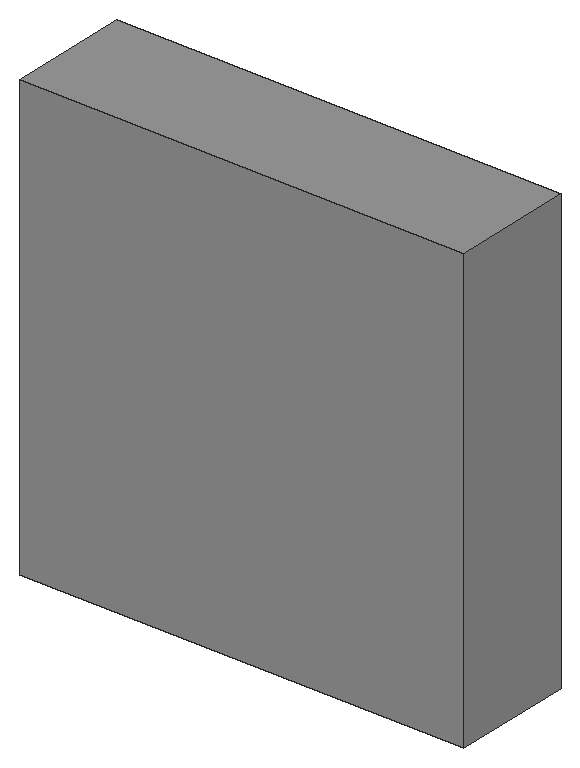
Revit family "KG_Sprechstelle_V1700", category Kommunikationsgeräte, Revit 2017
Family settings
  Beschriftungsausrichtung beibehalten = Nein
  Bemaßung runder Anschluss = Durchmesser verwenden
  Teiletyp = Normal
  OmniClass-Nummer = 23.85.10.17.11
  OmniClass-Titel = Audio-Visual System Components
  Arbeitsebenenbasiert = Nein
  Immer vertikal = Ja
  Beim Laden mit Abzugskörper schneiden = Ja
  Gemeinsam genutzt = Nein
  Raumberechnungspunkt = Nein
Parameters (values of type "Wechselsprechanlage_ZK")
  pbr_Material_KZ = ""
  pbr_Material = none
  pbr_E_Typ = ""
  pbr_E_KZ = ""
  pbr_DINBild = 0
  pbr_Bild = 0
  pbr_3Dx_Delta_Korrekturversatz [instance] = 0 mm
  pbr_3DX_Versatzfaktor [instance] = 0
  pbr_2DY_Versatzfaktor [instance] = 0
  pbr_2DX_Versatzfaktor [instance] = 0
  lfd_STRK [instance] = 0
  cpiFitMatchKey [instance] = "E-ZK VS A"
  Zentrale [instance] = ""
  Wechselsprechanlage (ZK) = yes
  Wechselsprechanlage (SR/HR) = no
  Typ [instance] = ""
  Tiefe = 37 mm
  Text3 [instance] = ""
  Text2 [instance] = ""
  Text1 [instance] = ""
  Sprechstelle HR = no
  Sprechstelle (SPA/ELA) = no
  Sprechanlage mit Mikro (SPA) = no
  Sprechanlage (HR) = no
  Sprechanlage (ELA/SPA) = no
  Planungsbüro Rohling = "www.pbr.de"
  Netzart = ""
  Menge(Dosenzahl) [instance] = 0
  Länge = 135 mm
  Linie/Anschluss [instance] = ""
  Linie [instance] = ""
  Lastklassifizierung = none
  Installationsart [instance] = ""
  Info [instance] = ""
  Gewerk [instance] = "ZK"
  Gegensprechanlage (ZK) = no
  Gegensprechanlage (SR/HR) = no
  Eckversatz [instance] = 0 mm
  YFrontversatz [instance] = if(pbr_2DY_Versatzfaktor = 300, 0 mm, pbr_2DY_Versatzfaktor * 300 mm)  # 0 mm
  XSeitenversatz [instance] = if(pbr_2DX_Versatzfaktor = 0, 3000 mm, 3000 mm + (pbr_2DX_Versatzfaktor * 300 mm)) + Eckversatz  # 3000 mm
  X3Dversatz [instance] = if([3DX_Versatzkontrolle] = 0, 2000 mm, 2000 mm + ([3DX_Versatzkontrolle] * (300 mm - Breite))) + pbr_3Dx_Delta_Korrekturversatz  # 2000 mm
  Niveau [instance] = 1200 mm
  Bus [instance] = ""
  Breite = 135 mm
  Betriebsstrom ruhe [instance] = 0
  Betriebsstrom max [instance] = 0
  3DX_Versatzkontrolle [instance] = if(pbr_3DX_Versatzfaktor = 0, (pbr_2DX_Versatzfaktor * -1), (((-1 * pbr_3DX_Versatzfaktor) + pbr_2DX_Versatzfaktor) * -1))  # 0
  3DX_Versatz [instance] = 0 mm
Types (13, lengths in mm): name | Wechselsprechanlage (ZK) | Wechselsprechanlage (SR/HR) | Sprechstelle HR | Sprechstelle (SPA/ELA) | Sprechanlage mit Mikro (SPA) | Sprechanlage (HR) | Sprechanlage (ELA/SPA) | Gewerk | Gegensprechanlage (ZK) | Gegensprechanlage (SR/HR)
  Sprechanlage_ELA | no | no | no | no | no | no | yes | "ELA" | no | no
  Sprechanlage_Mikro_ELA | no | no | no | no | yes | no | no | "ELA" | no | no
  Sprechstelle_ELA | no | no | no | yes | no | no | no | "ELA" | no | no
  Gegensprechanlage_HR | no | no | no | no | no | no | no | "HR" | no | yes
  Sprechanlage_HR | no | no | no | no | no | yes | no | "HR" | no | no
  Sprechstelle_HR | no | no | yes | no | no | no | no | "HR" | no | no
  Sprechstelle_Mikro_HR | no | no | no | yes | no | no | no | "HR" | no | no
  Sprechanlage_SPA | no | no | no | no | no | no | yes | "SPA" | no | no
  Sprechanlage_Mikro_SPA | no | no | no | no | yes | no | no | "SPA" | no | no
  Sprechstelle_SPA | no | no | no | yes | no | no | no | "SPA" | no | no
  Gegensprechanlage_ZK | no | no | no | no | no | no | no | "ZK" | yes | no
  Wechselsprechanlage_ZK | yes | no | no | no | no | no | no | "ZK" | no | no
  Wechselsprechanlage_HR | no | yes | no | no | no | no | no | "HR" | no | no
Reference planes
  plane 1 "Mitte (Vorne/Hinten)": y = 0
  plane 2: z = 0
  plane 3 "Mitte (Links/Rechts)": x = 22.5
  plane 4: x = -127.5
  plane 5: x = 172.5
  plane 6: y = 300
  plane 7 "Schalterhinten": y = 0
  plane 8: x = -2977.5
  plane 9: x = 22.5
  plane 10: x = -1977.5
  plane 11: x = -45
  plane 12: x = 90
  plane 13: z = 1267.5
  plane 14: z = 1132.5
  plane 15 "SchalterVorne": y = 37
  plane 16 "3DMitte": x = 22.5
  plane 17 "Achse": z = 1200
  plane 18: z = 1225
  plane 19: z = 1175
  plane 20 "2DMitte": y = 150
Forms (mm)
  Extrusion 1, solid, material "Stahl, weich, geschweißt"
    sketch origin (0, 20, 0) x (0, 0, 1) y (-1, 0, 0)
      loop
        line (1132.5, 45) -> (1132.5, -90) -> (1267.5, -90) -> (1267.5, 45) -> (1132.5, 45)
    from -17 to 20
Dimensions and locks
  locked: plane 6 to plane 7 "Schalterhinten" at 300
  "XSeitenversatz": plane 8 to plane 9
  plane 8 to plane 3 "Mitte (Links/Rechts)" = 3000 mm
  "YFrontversatz": plane 1 "Mitte (Vorne/Hinten)" to plane 7 "Schalterhinten"
  "Breite": plane 12 to plane 11
  "Länge": plane 13 to plane 14
  plane 9 to plane 10 = 2000 mm
  equal spacing: plane 12, plane 16 "3DMitte", plane 11
  "X3Dversatz": plane 16 "3DMitte" to plane 10
  equal spacing: plane 13, plane 17 "Achse", plane 14
  "Niveau": plane 17 "Achse" to level
  "Tiefe": plane 15 "SchalterVorne" to plane 1 "Mitte (Vorne/Hinten)"
  plane 13 to plane 18 = 42.5 mm
  plane 19 to plane 14 = 42.5 mm
  equal spacing: plane 4, plane 9, plane 5, locked at 150 each
  locked: plane 4 to plane 5 at 300
  equal spacing: plane 6, plane 20 "2DMitte", plane 7 "Schalterhinten", locked at 150 each
  plane 6 to nested 5 = 300 mm
  aligned and locked: level to plane 2
  aligned and locked: Extrusion 1 sketch curve to plane 14
  aligned and locked: Extrusion 1 sketch curve to plane 11
  aligned and locked: Extrusion 1 sketch curve to plane 13
  aligned and locked: plane 12 to Extrusion 1 sketch curve
  aligned and locked: plane 1 "Mitte (Vorne/Hinten)" to Extrusion 1
  aligned and locked: Extrusion 1 to plane 15 "SchalterVorne"
  aligned and locked: nested 1 to plane 9
  aligned and locked: nested 1 to plane 7 "Schalterhinten"
  aligned and locked: nested 2 to plane 9
  aligned and locked: nested 2 to plane 7 "Schalterhinten"
  aligned and locked: nested 3 to plane 9
  aligned and locked: nested 3 to plane 7 "Schalterhinten"
  aligned and locked: nested 4 to plane 9
  aligned and locked: nested 4 to plane 7 "Schalterhinten"
  aligned and locked: nested 5 to plane 9
  aligned and locked: nested 5 to plane 7 "Schalterhinten"
  aligned and locked: nested 6 to plane 9
  aligned and locked: nested 6 to plane 7 "Schalterhinten"
  aligned and locked: nested 7 to plane 9
  aligned and locked: nested 7 to plane 7 "Schalterhinten"
  aligned and locked: nested 8 to plane 9
  aligned and locked: nested 8 to plane 7 "Schalterhinten"
  aligned and locked: nested 9 to plane 9
  aligned and locked: nested 9 to plane 7 "Schalterhinten"
Nested families
  nested 1: "Sprechanlage (ELA)" at (22.5, 0, 0), visible <- "Sprechanlage (ELA/SPA)", type "Sprechanlage (ELA)"
  nested 2: "Sprechanlage mit Mikro (ELA)" at (22.5, 0, 0), visible <- "Sprechanlage mit Mikro (SPA)", type "Sprechanlage mit Mikro (ELA)"
  nested 3: "Sprechstelle (ELA)" at (22.5, 0, 0), visible <- "Sprechstelle (SPA/ELA)", type "Sprechstelle (ELA)"
  nested 4: "Gegensprechanlage (HR)" at (22.5, 0, 0), visible <- "Gegensprechanlage (SR/HR)", type "Gegensprechanlage (HR)"
  nested 5: "Sprechanlage (HR)" at (22.5, 0, 0), visible <- "Sprechanlage (HR)", type "Sprechanlage (HR)"
  nested 6: "Sprechstelle (HR)" at (22.5, 0, 0), visible <- "Sprechstelle HR", type "Sprechstelle (HR)"
  nested 7: "Wechselsprechanlage (HR)" at (22.5, 0, 0), visible <- "Wechselsprechanlage (SR/HR)", type "Wechselsprechanlage (HR)"
  nested 8: "Gegensprechanlage (ZK)" at (22.5, 0, 0), visible <- "Gegensprechanlage (ZK)", type "Gegensprechanlage (ZK)"
  nested 9: "Wechselsprechanlage (ZK)" at (22.5, 0, 0), visible <- "Wechselsprechanlage (ZK)", type "Wechselsprechanlage (ZK)"
Connectors
  electrical at (22.5, 0, 1200)
    settings: on Extrusion 1, index 1, voltage 0 V, apparent load 0 VA, apparent load phase1 0 VA, apparent load phase2 0 VA, apparent load phase3 0 VA, power factor 1, load classification "Sonstige", number of poles 1, system type 14, power factor state 1, is connector primary yes, connector utility no, sub classification motor no, connector description ""
Definition of nested family "Sprechanlage (ELA)"
  Reference planes
    plane 1 "Mitte (Vorne/Hinten)": y = 0
    plane 2: z = 0
    plane 3 "Mitte (Links/Rechts)": x = 0
    plane 4: x = 0
  Lines and regions (mm)
    detail lines, in view "Referenzebene"
      curve 1: line (-90.802, 237.719, 0) -> (90.802, 237.719, 0)
      curve 2: line (-90.802, 217.719, 0) -> (90.802, 217.719, 0)
      curve 3: line (-90.802, 197.719, 0) -> (90.802, 197.719, 0)
      curve 4: line (-90.802, 177.719, 0) -> (90.802, 177.719, 0)
      curve 5: line (-90.802, 157.719, 0) -> (90.802, 157.719, 0)
      curve 6: line (-90.802, 137.719, 0) -> (90.802, 137.719, 0)
      curve 7: line (-90.802, 117.719, 0) -> (90.802, 117.719, 0)
      curve 8: line (-90.802, 97.719, 0) -> (90.802, 97.719, 0)
      curve 9: line (-90.802, 77.719, 0) -> (90.802, 77.719, 0)
      curve 10: line (-90.802, 57.719, 0) -> (90.802, 57.719, 0)
      curve 11: circle (0, 450, 0) r 81.795 normal (0, 0, 1)
      curve 12: line (-150, 300, 0) -> (150, 300, 0)
      curve 13: line (150, 300, 0) -> (150, 0, 0)
      curve 14: line (150, 0, 0) -> (-150, 0, 0)
      curve 15: line (-150, 0, 0) -> (-150, 300, 0)
      curve 16: line (-150, 600, 0) -> (150, 600, 0)
      curve 17: line (150, 600, 0) -> (150, 300, 0)
      curve 18: line (150, 300, 0) -> (-150, 300, 0)
      curve 19: line (-150, 300, 0) -> (-150, 600, 0)
Definition of nested family "Sprechanlage mit Mikro (ELA)"
  Reference planes
    plane 1 "Mitte (Vorne/Hinten)": y = 0
    plane 2: z = 0
    plane 3 "Mitte (Links/Rechts)": x = 0
    plane 4: x = 0
    plane 5: y = 0
  Lines and regions (mm)
    detail lines, in view "Referenzebene"
      curve 1: line (-90.802, 237.719, 0) -> (90.802, 237.719, 0)
      curve 2: line (-90.802, 217.719, 0) -> (90.802, 217.719, 0)
      curve 3: line (-90.802, 197.719, 0) -> (90.802, 197.719, 0)
      curve 4: line (-90.802, 177.719, 0) -> (90.802, 177.719, 0)
      curve 5: line (-90.802, 157.719, 0) -> (90.802, 157.719, 0)
      curve 6: line (-90.802, 137.719, 0) -> (90.802, 137.719, 0)
      curve 7: line (-90.802, 117.719, 0) -> (90.802, 117.719, 0)
      curve 8: line (-90.802, 97.719, 0) -> (90.802, 97.719, 0)
      curve 9: line (-90.802, 77.719, 0) -> (90.802, 77.719, 0)
      curve 10: line (-90.802, 57.719, 0) -> (90.802, 57.719, 0)
      curve 11: circle (0, 450, 0) r 81.795 normal (0, 0, 1)
      curve 12: arc (-15.684, 460.255, 0) -> (-39.659, 460.785, 0) -> (-54.348, 441.829, 0) r 26.642
      curve 13: arc (85.024, 433.941, 0) -> (70.407, 457.46, 0) -> (49.777, 475.931, 0) r 97.685
      curve 14: arc (76.421, 430.216, 0) -> (63.21, 451.451, 0) -> (44.576, 468.131, 0) r 88.31
      curve 15: arc (-47.392, 429.576, 0) -> (-24.306, 432.009, 0) -> (-11.892, 451.624, 0) r 26.642
      curve 16: arc (-54.348, 441.829, 0) -> (-52.172, 434.964, 0) -> (-47.392, 429.576, 0) r 17.331
      curve 17: arc (104.178, 372.547, 0) -> (96.201, 403.743, 0) -> (85.024, 433.941, 0) r 309.418
      curve 18: arc (94.815, 372.527, 0) -> (86.982, 401.806, 0) -> (76.421, 430.216, 0) r 320.951
      curve 19: arc (49.777, 475.931, 0) -> (32.298, 480.395, 0) -> (14.497, 477.474, 0) r 44.026
      curve 20: arc (45.645, 467.516, 0) -> (32.218, 471.013, 0) -> (18.496, 468.962, 0) r 34.651
      curve 21: line (-150, 300, 0) -> (150, 300, 0)
      curve 22: line (150, 300, 0) -> (150, 0, 0)
      curve 23: line (150, 0, 0) -> (-150, 0, 0)
      curve 24: line (-150, 0, 0) -> (-150, 300, 0)
      curve 25: line (-150, 600, 0) -> (150, 600, 0)
      curve 26: line (150, 600, 0) -> (150, 300, 0)
      curve 27: line (150, 300, 0) -> (-150, 300, 0)
      curve 28: line (-150, 300, 0) -> (-150, 600, 0)
      curve 29: line (-15.684, 460.255, 0) -> (14.497, 477.474, 0)
      curve 30: line (-11.892, 451.624, 0) -> (18.496, 468.962, 0)
      curve 31: line (92.601, 358.279, 0) -> (92.569, 372.522, 0)
      curve 32: line (92.569, 372.522, 0) -> (104.178, 372.547, 0)
      curve 33: line (104.288, 372.548, 0) -> (106.631, 372.535, 0)
      curve 34: line (106.631, 372.535, 0) -> (106.663, 358.31, 0)
      curve 35: line (106.663, 358.31, 0) -> (92.601, 358.279, 0)
      curve 36: line (92.601, 358.279, 0) -> (68.224, 358.225, 0)
      curve 37: line (68.224, 358.225, 0) -> (62.682, 353.456, 0)
      curve 38: line (62.682, 353.456, 0) -> (62.705, 342.754, 0)
      curve 39: line (62.705, 342.754, 0) -> (69.832, 339.49, 0)
      curve 40: line (69.832, 339.49, 0) -> (129.515, 339.622, 0)
      curve 41: line (129.515, 339.622, 0) -> (136.627, 342.918, 0)
      curve 42: line (136.627, 342.918, 0) -> (136.603, 353.62, 0)
      curve 43: line (136.603, 353.62, 0) -> (131.04, 358.364, 0)
      curve 44: line (131.04, 358.364, 0) -> (106.663, 358.31, 0)
Definition of nested family "Sprechstelle (ELA)"
  Reference planes
    plane 1 "Mitte (Vorne/Hinten)": y = 0
    plane 2: z = 0
    plane 3 "Mitte (Links/Rechts)": x = 0
  Lines and regions (mm)
    detail lines, in view "Referenzebene"
      curve 1: arc (-125.123, 255.421, 0) -> (-149.048, 257.061, 0) -> (-164.599, 238.806, 0) r 26.642
      curve 2: arc (-25.741, 224.473, 0) -> (-39.255, 248.643, 0) -> (-59.007, 268.05, 0) r 97.685
      curve 3: arc (-34.508, 221.15, 0) -> (-46.721, 242.974, 0) -> (-64.563, 260.499, 0) r 88.31
      curve 4: arc (-8.768, 23.229, 0) -> (-6.131, 23.149, 0) -> (-3.869, 24.505, 0) r 4.688
      curve 5: arc (-158.218, 226.244, 0) -> (-135.044, 227.605, 0) -> (-121.735, 246.625, 0) r 26.642
      curve 6: arc (-164.599, 238.806, 0) -> (-162.743, 231.847, 0) -> (-158.218, 226.244, 0) r 17.331
      curve 7: arc (-9.398, 163.266, 0) -> (-16.099, 194.262, 0) -> (-25.741, 224.473, 0) r 330.326
      curve 8: arc (-18.646, 161.727, 0) -> (-25.15, 191.819, 0) -> (-34.508, 221.15, 0) r 320.951
      curve 9: arc (-140.881, 70.632, 0) -> (-141.613, 68.091, 0) -> (-139.912, 66.065, 0) r 2.813
      curve 10: arc (-5.252, 208.348, 0) -> (-6.755, 208.364, 0) -> (-8.051, 207.604, 0) r 2.813
      curve 11: arc (-76.111, 68.451, 0) -> (-76.407, 67.354, 0) -> (-75.634, 66.521, 0) r 1.172
      curve 12: arc (-42.433, 102.246, 0) -> (-43.074, 102.266, 0) -> (-43.63, 101.945, 0) r 1.172
      curve 13: arc (-43.607, 56.06, 0) -> (-42.948, 56.04, 0) -> (-42.382, 56.379, 0) r 1.172
      curve 14: arc (-10.924, 90.452, 0) -> (-10.652, 91.547, 0) -> (-11.429, 92.364, 0) r 1.172
      curve 15: arc (123.952, 162.953, 0) -> (124.605, 165.62, 0) -> (122.674, 167.572, 0) r 2.812
      curve 16: arc (-59.007, 268.05, 0) -> (-76.26, 273.318, 0) -> (-94.178, 271.225, 0) r 44.026
      curve 17: arc (-63.524, 259.835, 0) -> (-76.774, 263.95, 0) -> (-90.577, 262.537, 0) r 34.651
      curve 18: line (-125.123, 255.421, 0) -> (-94.178, 271.225, 0)
      curve 19: line (-121.735, 246.625, 0) -> (-90.577, 262.537, 0)
      curve 20: line (153.41, 143.976, 0) -> (148.205, 173.82, 0)
      curve 21: line (148.205, 173.82, 0) -> (-2.12, 12.492, 0)
      curve 22: line (-2.12, 12.492, 0) -> (-160.237, 64.139, 0)
      curve 23: line (-160.237, 64.139, 0) -> (-158.062, 51.666, 0)
      curve 24: line (-158.062, 51.666, 0) -> (0.055, 0.02, 0)
      curve 25: line (0.055, 0.02, 0) -> (153.41, 143.976, 0)
      curve 26: line (-139.912, 66.065, 0) -> (-8.768, 23.229, 0)
      curve 27: line (-2.12, 12.492, 0) -> (0.055, 0.02, 0)
      curve 28: line (148.205, 173.82, 0) -> (95.575, 189.008, 0)
      curve 29: line (95.575, 189.008, 0) -> (42.945, 204.197, 0)
      curve 30: line (42.945, 204.197, 0) -> (-9.686, 219.385, 0)
      curve 31: line (-9.686, 219.385, 0) -> (-20.244, 208.497, 0)
      curve 32: line (122.674, 167.572, 0) -> (-5.252, 208.348, 0)
      curve 33: line (-3.869, 24.505, 0) -> (123.952, 162.953, 0)
      curve 34: line (-16.049, 133.191, 0) -> (-2.196, 135.607, 0)
      curve 35: line (-2.196, 135.607, 0) -> (-7.086, 163.651, 0)
      curve 36: line (-7.086, 163.651, 0) -> (-9.398, 163.266, 0)
      curve 37: line (-9.398, 163.266, 0) -> (-18.646, 161.727, 0)
      curve 38: line (-18.646, 161.727, 0) -> (-20.955, 161.325, 0)
      curve 39: line (-20.955, 161.325, 0) -> (-16.049, 133.191, 0)
      curve 40: line (-16.049, 133.191, 0) -> (-40.063, 129.003, 0)
      curve 41: line (-40.063, 129.003, 0) -> (-44.716, 123.363, 0)
      curve 42: line (-44.716, 123.363, 0) -> (-42.877, 112.82, 0)
      curve 43: line (-42.877, 112.82, 0) -> (-35.301, 110.812, 0)
      curve 44: line (-35.301, 110.812, 0) -> (23.495, 121.065, 0)
      curve 45: line (23.495, 121.065, 0) -> (29.945, 125.52, 0)
      curve 46: line (29.945, 125.52, 0) -> (28.106, 136.063, 0)
      curve 47: line (28.106, 136.063, 0) -> (21.819, 139.795, 0)
      curve 48: line (21.819, 139.795, 0) -> (-2.196, 135.607, 0)
      curve 49: line (-8.051, 207.604, 0) -> (-17.175, 198.195, 0)
      curve 50: line (-27.693, 200.816, 0) -> (-160.237, 64.139, 0)
      curve 51: line (-24.766, 190.367, 0) -> (-140.881, 70.632, 0)
      curve 52: line (-43.63, 101.945, 0) -> (-76.111, 68.451, 0)
      curve 53: line (-11.429, 92.364, 0) -> (-42.433, 102.246, 0)
      curve 54: line (-42.382, 56.379, 0) -> (-10.924, 90.452, 0)
      curve 55: line (-75.634, 66.521, 0) -> (-43.607, 56.06, 0)
      curve 56: line (-33.277, 99.327, 0) -> (-67.627, 63.906, 0)
      curve 57: line (-25.06, 96.929, 0) -> (-59.62, 61.291, 0)
      curve 58: line (-17.559, 93.792, 0) -> (-51.613, 58.675, 0)
      curve 59: line (-67.991, 76.825, 0) -> (-33.813, 65.661, 0)
      curve 60: line (-59.871, 85.198, 0) -> (-25.992, 74.132, 0)
      curve 61: line (-51.75, 93.572, 0) -> (-18.171, 82.603, 0)
Definition of nested family "Gegensprechanlage (HR)"
  Reference planes
    plane 1 "Mitte (Vorne/Hinten)": y = 0
    plane 2: z = 0
    plane 3 "Mitte (Links/Rechts)": x = 0
    plane 4: x = 0
    plane 5: x = 0
  Lines and regions (mm)
    Filled region 1, type "Beton", in view "Referenzebene"
      outline origin (793.359, -777.469, 0) x (1, 0, 0) y (0, 1, 0)
        loop
          line (-643.359, 1077.723) -> (-757.633, 927.816) -> (-757.633, 856.633) -> (-828.801, 856.633) -> (-828.801, 927.427) -> (-943.359, 1077.723) -> (-943.359, 777.723) -> (-643.359, 777.723) -> (-643.359, 1077.723)
    Filled region 2, type "Beton", in view "Referenzebene"
      outline origin (454.644, -777.469, 0) x (1, 0, 0) y (0, 1, 0)
        loop
          line (-454.644, 1077.723) -> (-422.824, 1109.543) -> (-486.463, 1109.543) -> (-454.644, 1077.723)
    Filled region 3, type "Beton", in view "Referenzebene"
      outline origin (454.644, 1377.978, 0) x (0, -1, 0) y (1, 0, 0)
        loop
          line (1077.723, -454.644) -> (1109.543, -486.463) -> (1109.543, -422.824) -> (1077.723, -454.644)
    detail lines, in view "Referenzebene"
      curve 1: line (-35.443, 149.958, 0) -> (35.726, 149.958, 0)
      curve 2: line (150, 300.254, 0) -> (-150, 300.254, 0)
      curve 3: line (0, 300.254, 0) -> (0, 370.254, 0)
      curve 4: line (0, 300.254, 0) -> (0, 230.254, 0)
Definition of nested family "Sprechanlage (HR)"
  Reference planes
    plane 1 "Mitte (Vorne/Hinten)": y = 0
    plane 2: z = 0
    plane 3 "Mitte (Links/Rechts)": x = 0
    plane 4: y = 2.701
    plane 5: x = -1.301
  Lines and regions (mm)
    detail lines, in view "Referenzebene"
      curve 1: arc (-305.645, 52.656, 0) -> (-255.623, 2.701, 0) -> (-205.645, 52.701, 0) r 50
      curve 2: arc (-289.751, 248.292, 0) -> (-301.598, 222.358, 0) -> (-305.645, 194.134, 0) r 100
      curve 3: arc (-95.057, 180.464, 0) -> (76.671, 152.701, 0) -> (248.399, 180.464, 0) r 544.98
      curve 4: arc (-101.013, 152.701, 0) -> (76.671, 122.921, 0) -> (254.355, 152.701, 0) r 544.98
      curve 5: arc (-285.645, 290.581, 0) -> (-270.867, 277.895, 0) -> (-255.645, 265.744, 0) r 544.98
      curve 6: arc (-155.645, 204.698, 0) -> (-128.63, 192.849, 0) -> (-101.013, 182.48, 0) r 544.98
      curve 7: arc (-255.645, 162.701, 0) -> (-205.645, 152.701, 0) -> (-155.645, 162.701, 0) r 130
      curve 8: circle (76.699, 176.245, 0) r 9 normal (0, 0, 1)
      curve 9: circle (39.699, 194.245, 0) r 9 normal (0, 0, 1)
      curve 10: circle (76.699, 212.245, 0) r 9 normal (0, 0, 1)
      curve 11: circle (113.699, 194.245, 0) r 9 normal (0, 0, 1)
      curve 12: circle (172.699, 194.245, 0) r 18 normal (0, 0, 1)
      curve 13: arc (-155.645, 502.701, 0) -> (-205.645, 512.701, 0) -> (-255.645, 502.701, 0) r 130
      curve 14: line (-305.645, 52.656, 0) -> (-305.645, 194.134, 0)
      curve 15: line (196.699, 304.245, 0) -> (228.699, 304.245, 0)
      curve 16: line (228.699, 304.245, 0) -> (228.699, 444.245, 0)
      curve 17: line (228.699, 444.245, 0) -> (196.699, 444.245, 0)
      curve 18: line (-43.301, 304.245, 0) -> (-75.301, 304.245, 0)
      curve 19: line (-75.301, 304.245, 0) -> (-75.301, 444.245, 0)
      curve 20: line (-75.301, 444.245, 0) -> (-43.301, 444.245, 0)
      curve 21: line (-43.301, 464.245, 0) -> (-43.301, 284.245, 0)
      curve 22: line (-43.301, 284.245, 0) -> (196.699, 284.245, 0)
      curve 23: line (196.699, 284.245, 0) -> (196.699, 464.245, 0)
      curve 24: line (196.699, 464.245, 0) -> (-43.301, 464.245, 0)
      curve 25: line (-285.645, 290.581, 0) -> (-285.645, 460.421, 0)
      curve 26: line (-285.645, 460.421, 0) -> (-255.645, 460.421, 0)
      curve 27: line (-255.645, 162.701, 0) -> (-255.645, 502.701, 0)
      curve 28: line (-155.645, 162.701, 0) -> (-155.645, 502.701, 0)
      curve 29: line (-95.057, 180.464, 0) -> (-95.057, 484.245, 0)
      curve 30: line (-95.057, 484.245, 0) -> (248.399, 484.245, 0)
      curve 31: line (248.399, 484.245, 0) -> (248.399, 180.464, 0)
      curve 32: line (254.355, 152.701, 0) -> (254.355, 490.201, 0)
      curve 33: line (254.355, 490.201, 0) -> (-101.013, 490.201, 0)
      curve 34: line (-101.013, 490.201, 0) -> (-101.013, 152.701, 0)
      curve 35: line (106.699, 270.245, 0) -> (106.699, 258.245, 0)
      curve 36: line (106.699, 258.245, 0) -> (142.699, 258.245, 0)
      curve 37: line (142.699, 258.245, 0) -> (142.699, 270.245, 0)
      curve 38: line (142.699, 270.245, 0) -> (106.699, 270.245, 0)
      curve 39: line (-205.645, 52.701, 0) -> (-205.645, 152.701, 0)
      curve 40: line (-270.792, 277.832, 0) -> (-289.751, 248.292, 0)
      curve 41: line (69.675, 217.872, 0) -> (64.086, 217.021, 0)
      curve 42: line (64.086, 217.021, 0) -> (58.76, 215.696, 0)
      curve 43: line (58.76, 215.696, 0) -> (53.806, 213.926, 0)
      curve 44: line (53.806, 213.926, 0) -> (49.328, 211.746, 0)
      curve 45: line (49.328, 211.746, 0) -> (45.419, 209.204, 0)
      curve 46: line (45.419, 209.204, 0) -> (42.159, 206.35, 0)
      curve 47: line (42.159, 206.35, 0) -> (39.617, 203.245, 0)
      curve 48: line (39.617, 185.245, 0) -> (42.159, 182.14, 0)
      curve 49: line (42.159, 182.14, 0) -> (45.419, 179.286, 0)
      curve 50: line (45.419, 179.286, 0) -> (49.328, 176.743, 0)
      curve 51: line (49.328, 176.743, 0) -> (53.806, 174.564, 0)
      curve 52: line (53.806, 174.564, 0) -> (58.76, 172.794, 0)
      curve 53: line (58.76, 172.794, 0) -> (64.086, 171.469, 0)
      curve 54: line (64.086, 171.469, 0) -> (69.675, 170.618, 0)
      curve 55: line (113.78, 203.245, 0) -> (111.238, 206.35, 0)
      curve 56: line (111.238, 206.35, 0) -> (107.979, 209.204, 0)
      curve 57: line (107.979, 209.204, 0) -> (104.069, 211.746, 0)
      curve 58: line (104.069, 211.746, 0) -> (99.591, 213.926, 0)
      curve 59: line (99.591, 213.926, 0) -> (94.638, 215.696, 0)
      curve 60: line (94.638, 215.696, 0) -> (89.311, 217.021, 0)
      curve 61: line (89.311, 217.021, 0) -> (83.723, 217.872, 0)
      curve 62: line (83.723, 170.618, 0) -> (89.311, 171.469, 0)
      curve 63: line (89.311, 171.469, 0) -> (94.638, 172.794, 0)
      curve 64: line (94.638, 172.794, 0) -> (99.591, 174.564, 0)
      curve 65: line (99.591, 174.564, 0) -> (104.069, 176.743, 0)
      curve 66: line (104.069, 176.743, 0) -> (107.979, 179.286, 0)
      curve 67: line (107.979, 179.286, 0) -> (111.238, 182.14, 0)
      curve 68: line (111.238, 182.14, 0) -> (113.78, 185.245, 0)
      curve 69: line (58.699, 270.245, 0) -> (58.699, 258.245, 0)
      curve 70: line (58.699, 258.245, 0) -> (94.699, 258.245, 0)
      curve 71: line (94.699, 258.245, 0) -> (94.699, 270.245, 0)
      curve 72: line (94.699, 270.245, 0) -> (58.699, 270.245, 0)
      curve 73: line (46.699, 270.245, 0) -> (10.699, 270.245, 0)
      curve 74: line (10.699, 270.245, 0) -> (10.699, 258.245, 0)
      curve 75: line (10.699, 258.245, 0) -> (46.699, 258.245, 0)
      curve 76: line (46.699, 258.245, 0) -> (46.699, 270.245, 0)
      curve 77: line (-1.301, 270.245, 0) -> (-37.301, 270.245, 0)
      curve 78: line (-37.301, 270.245, 0) -> (-37.301, 258.245, 0)
      curve 79: line (-37.301, 258.245, 0) -> (-1.301, 258.245, 0)
      curve 80: line (-1.301, 258.245, 0) -> (-1.301, 270.245, 0)
      curve 81: line (-43.301, 360.245, 0) -> (-75.301, 360.245, 0)
      curve 82: line (-43.301, 332.245, 0) -> (-75.301, 332.245, 0)
      curve 83: line (190.699, 270.245, 0) -> (154.699, 270.245, 0)
      curve 84: line (154.699, 270.245, 0) -> (154.699, 258.245, 0)
      curve 85: line (154.699, 258.245, 0) -> (190.699, 258.245, 0)
      curve 86: line (190.699, 258.245, 0) -> (190.699, 270.245, 0)
      curve 87: line (228.699, 360.245, 0) -> (196.699, 360.245, 0)
      curve 88: line (228.699, 332.245, 0) -> (196.699, 332.245, 0)
      curve 89: line (-101.013, 460.421, 0) -> (-155.645, 460.421, 0)
      curve 90: line (-43.301, 416.245, 0) -> (-75.301, 416.245, 0)
      curve 91: line (-43.301, 388.245, 0) -> (-75.301, 388.245, 0)
      curve 92: line (228.699, 388.245, 0) -> (196.699, 388.245, 0)
      curve 93: line (228.699, 416.245, 0) -> (196.699, 416.245, 0)
Definition of nested family "Sprechstelle (HR)"
  Reference planes
    plane 1 "Mitte (Vorne/Hinten)": y = 0
    plane 2: z = 0
    plane 3 "Mitte (Links/Rechts)": x = 0
    plane 4: x = 0
    plane 5: y = 0
  Lines and regions (mm)
    detail lines, in view "Referenzebene"
      curve 1: circle (-90, 60.644, 0) r 11.383 normal (0, 0, 1)
      curve 2: circle (-90, 107.25, 0) r 11.383 normal (0, 0, 1)
      curve 3: line (120, 88.5, 0) -> (-120, 88.5, 0)
      curve 4: line (-120, 88.5, 0) -> (-120, 126, 0)
      curve 5: line (-120, 126, 0) -> (120, 126, 0)
      curve 6: line (120, 126, 0) -> (120, 88.5, 0)
      curve 7: line (-60, 126, 0) -> (-60, 88.5, 0)
      curve 8: line (-60, 88.5, 0) -> (-60, 126, 0)
      curve 9: line (-150, 300, 0) -> (150, 300, 0)
      curve 10: line (150, 300, 0) -> (150, 0, 0)
      curve 11: line (150, 0, 0) -> (-150, 0, 0)
      curve 12: line (-150, 0, 0) -> (-150, 300, 0)
      curve 13: line (-120, 249, 0) -> (120, 249, 0)
      curve 14: line (120, 249, 0) -> (120, 174, 0)
      curve 15: line (120, 174, 0) -> (-120, 174, 0)
      curve 16: line (-120, 174, 0) -> (-120, 249, 0)
      curve 17: line (-120, 234, 0) -> (120, 234, 0)
      curve 18: line (120, 219, 0) -> (-120, 219, 0)
      curve 19: line (-120, 204, 0) -> (120, 204, 0)
      curve 20: line (120, 189, 0) -> (-120, 189, 0)
      curve 21: line (-60, 51, 0) -> (-60, 79.394, 0)
      curve 22: line (-60, 79.394, 0) -> (-60, 41.894, 0)
      curve 23: line (-60, 41.894, 0) -> (-120, 41.894, 0)
      curve 24: line (-120, 41.894, 0) -> (-120, 79.394, 0)
      curve 25: line (-120, 79.394, 0) -> (120, 79.394, 0)
      curve 26: line (120, 79.394, 0) -> (120, 41.894, 0)
      curve 27: line (120, 41.894, 0) -> (-60, 41.894, 0)
Definition of nested family "Wechselsprechanlage (HR)"
  Reference planes
    plane 1 "Mitte (Vorne/Hinten)": y = 0
    plane 2: z = 0
    plane 3 "Mitte (Links/Rechts)": x = 0
    plane 4: x = 0
    plane 5: y = 0
  Lines and regions (mm)
    Filled region 1, type "Beton", in view "Referenzebene"
      outline origin (401.924, -197.397, 0) x (1, 0, 0) y (0, 1, 0)
        loop
          line (-401.924, 551.023) -> (-356.924, 551.023) -> (-401.924, 592.999) -> (-446.924, 551.023) -> (-401.924, 551.023)
    Filled region 2, type "Beton", in view "Referenzebene"
      outline origin (401.924, 797.397, 0) x (0, -1, 0) y (1, 0, 0)
        loop
          line (551.023, -401.924) -> (551.023, -446.924) -> (592.999, -401.924) -> (551.023, -356.924) -> (551.023, -401.924)
    detail lines, in view "Referenzebene"
      curve 1: line (-35.443, 149.703, 0) -> (-150, 300, 0)
      curve 2: line (-150, 300, 0) -> (150, 300, 0)
      curve 3: line (150, 300, 0) -> (35.602, 149.93, 0)
      curve 4: line (-150, 0, 0) -> (-150, 300, 0)
      curve 5: line (-150, 300, 0) -> (150, 300, 0)
      curve 6: line (150, 300, 0) -> (150, 0, 0)
      curve 7: line (150, 0, 0) -> (-150, 0, 0)
      curve 8: line (-35.28, 78.912, 0) -> (-35.28, 149.472, 0)
      curve 9: line (-35.28, 149.472, 0) -> (35.28, 149.472, 0)
      curve 10: line (35.28, 149.472, 0) -> (35.28, 78.912, 0)
      curve 11: line (35.28, 78.912, 0) -> (-35.28, 78.912, 0)
      curve 12: line (0, 395.602, 0) -> (0, 353.626, 0)
      curve 13: line (0, 353.626, 0) -> (0, 300, 0)
      curve 14: line (0, 300, 0) -> (0, 246.374, 0)
      curve 15: line (0, 246.374, 0) -> (0, 204.398, 0)
Definition of nested family "Gegensprechanlage (ZK)"
  Reference planes
    plane 1 "Mitte (Vorne/Hinten)": y = 0
    plane 2: z = 0
    plane 3 "Mitte (Links/Rechts)": x = 0
    plane 4: x = 0
    plane 5: y = 0
    plane 6: x = 0
    plane 7: y = 0
  Lines and regions (mm)
    Filled region 1, type "Beton", in view "Referenzebene"
      outline origin (793.359, -777.723, 0) x (1, 0, 0) y (0, 1, 0)
        loop
          line (-643.359, 1077.723) -> (-757.633, 927.816) -> (-757.633, 856.633) -> (-828.801, 856.633) -> (-828.801, 927.427) -> (-943.359, 1077.723) -> (-943.359, 777.723) -> (-643.359, 777.723) -> (-643.359, 1077.723)
    detail lines, in view "Referenzebene"
      curve 1: line (150, 300, 0) -> (-150, 300, 0)
      curve 2: line (0, 300, 0) -> (0, 370, 0)
      curve 3: line (0, 300, 0) -> (0, 80, 0)
      curve 4: line (35.726, 150.093, 0) -> (-35.739, 150.093, 0)
Definition of nested family "Wechselsprechanlage (ZK)"
  Reference planes
    plane 1 "Mitte (Vorne/Hinten)": y = 0
    plane 2: z = 0
    plane 3 "Mitte (Links/Rechts)": x = 0
    plane 4: x = 0
    plane 5: y = 0
  Lines and regions (mm)
    Filled region 1, type "Beton", in view "Referenzebene"
      outline origin (401.924, -197.397, 0) x (1, 0, 0) y (0, 1, 0)
        loop
          line (-401.924, 551.023) -> (-356.924, 551.023) -> (-401.924, 592.999) -> (-446.924, 551.023) -> (-401.924, 551.023)
    Filled region 2, type "Beton", in view "Referenzebene"
      outline origin (401.924, 797.397, 0) x (0, -1, 0) y (1, 0, 0)
        loop
          line (551.023, -401.924) -> (551.023, -446.924) -> (592.999, -401.924) -> (551.023, -356.924) -> (551.023, -401.924)
    detail lines, in view "Referenzebene"
      curve 1: line (-35.443, 149.703, 0) -> (-150, 300, 0)
      curve 2: line (-150, 300, 0) -> (150, 300, 0)
      curve 3: line (150, 300, 0) -> (35.602, 149.93, 0)
      curve 4: line (-150, 0, 0) -> (-150, 300, 0)
      curve 5: line (-150, 300, 0) -> (150, 300, 0)
      curve 6: line (150, 300, 0) -> (150, 0, 0)
      curve 7: line (150, 0, 0) -> (-150, 0, 0)
      curve 8: line (-35.28, 78.912, 0) -> (-35.28, 149.472, 0)
      curve 9: line (-35.28, 149.472, 0) -> (35.28, 149.472, 0)
      curve 10: line (35.28, 149.472, 0) -> (35.28, 78.912, 0)
      curve 11: line (35.28, 78.912, 0) -> (-35.28, 78.912, 0)
      curve 12: line (0, 395.602, 0) -> (0, 353.626, 0)
      curve 13: line (0, 353.626, 0) -> (0, 300, 0)
      curve 14: line (0, 300, 0) -> (0, 246.374, 0)
      curve 15: line (0, 246.374, 0) -> (0, 204.398, 0)
